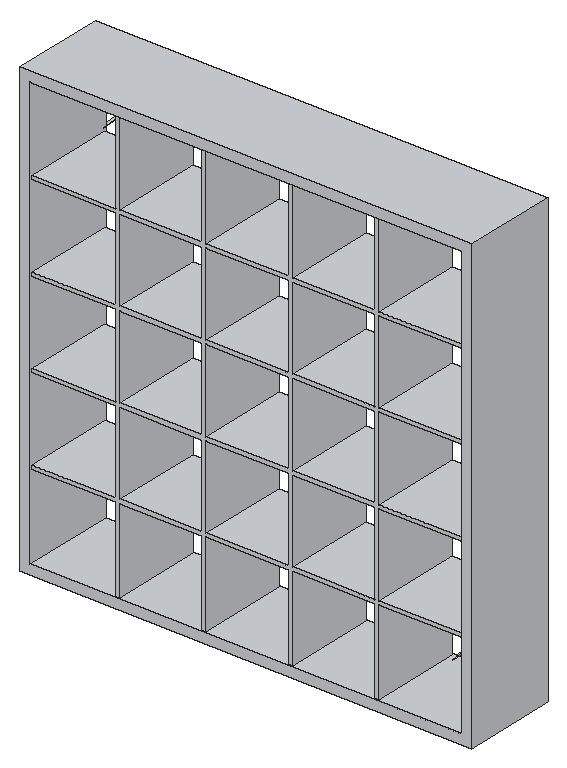
Revit family
Parameters (values of type "1850 x 1850 x 390mm")
  URL = ""
  Type Comments = ""
  Model = ""
  Material = none
  Manufacturer = "Revit"
  Description = "Bookshelves"
  Cost = 0
  Assembly Code = ""
Reference planes
  plane 1 "Center (Front/Back)": y = -70.108
  plane 2: z = 0
  plane 3 "Center (Left/Right)": x = 247.054
  plane 4 "back": y = 124.892
  plane 5 "front": y = -265.108
  plane 6: x = -677.946
  plane 7: x = 1172.054
  plane 8: z = 1850
  plane 9: x = -283.946
  plane 10: x = 70.054
  plane 11: x = 424.054
  plane 12: x = 778.054
  plane 13: z = 1456
  plane 14: z = 1102
  plane 15: z = 748
  plane 16: z = 394
  plane 17: y = 116.892
  plane 18: y = -257.108
  plane 19: z = 925
Forms (mm)
  Extrusion 1, solid, material <- "Material"
    sketch origin (0, -265.108, 0) x (1, 0, 0) y (0, 0, 1)
      loop
        line (-677.946, 1850) -> (-677.946, 0) -> (1172.054, 0) -> (1172.054, 1850) -> (-677.946, 1850)
      loop
        line (-637.946, 1810) -> (-637.946, 40) -> (1132.054, 40) -> (1132.054, 1810) -> (-637.946, 1810)
    from -390 to 0
  Extrusion 2, solid, material <- "Material"
    sketch origin (0, -265.108, 0) x (1, 0, 0) y (0, 0, 1)
      loop
        line (-291.446, 1810) -> (-291.446, 1463.5) -> (-637.946, 1463.5) -> (-637.946, 1448.5) -> (-291.446, 1448.5) -> (-291.446, 1109.5) -> (-637.946, 1109.5) -> (-637.946, 1094.5) -> (-291.446, 1094.5) -> (-291.446, 755.5) -> (-637.946, 755.5) -> (-637.946, 740.5) -> (-291.446, 740.5) -> (-291.446, 401.5) -> (-637.946, 401.5) -> (-637.946, 386.5) -> (-291.446, 386.5) -> (-291.446, 40) -> (-276.446, 40) -> (-276.446, 386.5) -> (62.554, 386.5) -> (62.554, 40) -> (77.554, 40) -> (77.554, 386.5) -> (416.554, 386.5) -> (416.554, 40) -> (431.554, 40) -> (431.554, 386.5) -> (770.554, 386.5) -> (770.554, 40) -> (785.554, 40) -> (785.554, 386.5) -> (1132.054, 386.5) -> (1132.054, 401.5) -> (785.554, 401.5) -> (785.554, 740.5) -> (1132.054, 740.5) -> (1132.054, 755.5) -> (785.554, 755.5) -> (785.554, 1094.5) -> (1132.054, 1094.5) -> (1132.054, 1109.5) -> (785.554, 1109.5) -> (785.554, 1448.5) -> (1132.054, 1448.5) -> (1132.054, 1463.5) -> (785.554, 1463.5) -> (785.554, 1810) -> (770.554, 1810) -> (770.554, 1463.5) -> (431.554, 1463.5) -> (431.554, 1810) -> (416.554, 1810) -> (416.554, 1463.5) -> (77.554, 1463.5) -> (77.554, 1810) -> (62.554, 1810) -> (62.554, 1463.5) -> (-276.446, 1463.5) -> (-276.446, 1810) -> (-291.446, 1810)
      loop
        line (-276.446, 1448.5) -> (-276.446, 1109.5) -> (62.554, 1109.5) -> (62.554, 1448.5) -> (-276.446, 1448.5)
      loop
        line (77.554, 1448.5) -> (77.554, 1109.5) -> (416.554, 1109.5) -> (416.554, 1448.5) -> (77.554, 1448.5)
      loop
        line (431.554, 1448.5) -> (431.554, 1109.5) -> (770.554, 1109.5) -> (770.554, 1448.5) -> (431.554, 1448.5)
      loop
        line (770.554, 1094.5) -> (431.554, 1094.5) -> (431.554, 755.5) -> (770.554, 755.5) -> (770.554, 1094.5)
      loop
        line (416.554, 1094.5) -> (77.554, 1094.5) -> (77.554, 755.5) -> (416.554, 755.5) -> (416.554, 1094.5)
      loop
        line (62.554, 1094.5) -> (-276.446, 1094.5) -> (-276.446, 755.5) -> (62.554, 755.5) -> (62.554, 1094.5)
      loop
        line (-276.446, 740.5) -> (-276.446, 401.5) -> (62.554, 401.5) -> (62.554, 740.5) -> (-276.446, 740.5)
      loop
        line (77.554, 740.5) -> (77.554, 401.5) -> (416.554, 401.5) -> (416.554, 740.5) -> (77.554, 740.5)
      loop
        line (431.554, 740.5) -> (431.554, 401.5) -> (770.554, 401.5) -> (770.554, 740.5) -> (431.554, 740.5)
    from -382 to -8
  Extrusion 3, solid, material "Metal - Aluminium", detail levels medium+fine
    sketch origin (0, -70.108, 0) x (1, 0, 0) y (0, 0, 1)
      loop
        line (778.054, 1830) -> (1145.749, 1462.304) -> (1150.699, 1467.254) -> (783.003, 1834.95) -> (778.054, 1830)
    from -202.341 to -195
  Extrusion 4, solid, material "Metal - Aluminium", detail levels medium+fine
    sketch origin (494.107, -70.108, 0) x (-1, 0, 0) y (0, 0, -1)
      loop
        line (778.054, -1830) -> (783.003, -1834.95) -> (1150.699, -1467.254) -> (1145.749, -1462.304) -> (778.054, -1830)
    from -202.341 to -195
  Extrusion 5, solid, material "Metal - Aluminium", detail levels medium+fine
    sketch origin (0, -70.108, 1850) x (1, 0, 0) y (0, 0, 1)
      loop
        line (778.054, -1830) -> (783.003, -1834.95) -> (1150.699, -1467.254) -> (1145.749, -1462.304) -> (778.054, -1830)
    from -202.341 to -195
  Extrusion 6, solid, material "Metal - Aluminium", detail levels medium+fine
    sketch origin (494.107, -70.108, 1850) x (-1, 0, 0) y (0, 0, -1)
      loop
        line (778.054, 1830) -> (1145.749, 1462.304) -> (1150.699, 1467.254) -> (783.003, 1834.95) -> (778.054, 1830)
    from -202.341 to -195
Dimensions and locks
  equal spacing: plane 6, plane 3 "Center (Left/Right)", plane 7
  equal spacing: plane 5 "front", plane 1 "Center (Front/Back)", plane 4 "back"
  locked: plane 5 "front" to plane 4 "back" at 390
  locked: plane 6 to plane 7 at 1850
  locked: plane 8 to plane 2 at 1850
  equal spacing: Extrusion 1, plane 9, plane 10, plane 11, plane 12, Extrusion 1
  equal spacing: Extrusion 1, plane 13, plane 14, plane 15, plane 16, Extrusion 1
  equal spacing: plane 2, plane 19, plane 8
  aligned and locked: plane 6 to Extrusion 1 sketch curve
  aligned and locked: plane 8 to Extrusion 1 sketch curve
  aligned and locked: level to Extrusion 1 sketch curve
  aligned and locked: plane 7 to Extrusion 1 sketch curve
  aligned and locked: Extrusion 1 to plane 4 "back"
  aligned and locked: plane 5 "front" to Extrusion 1
  aligned and locked: Extrusion 2 to plane 17
  aligned and locked: plane 18 to Extrusion 2
